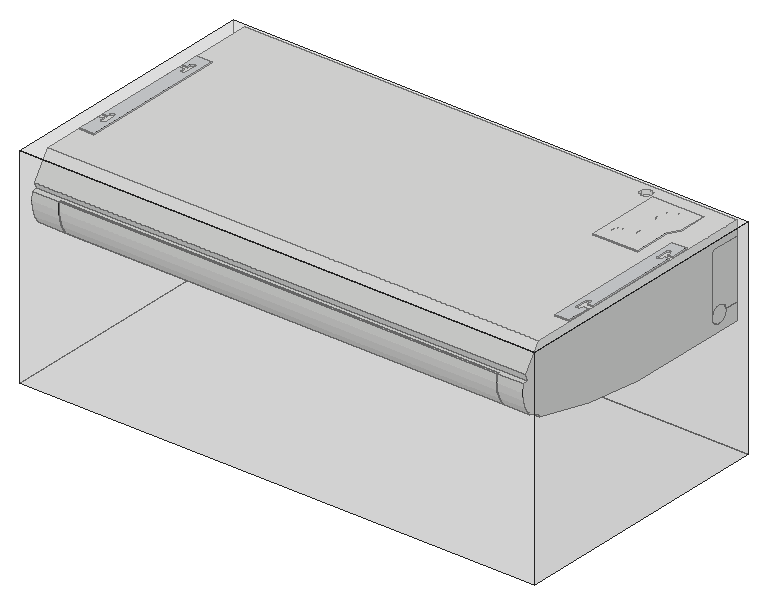
Revit family "outputfile", category 機械設備, Revit 2024
Family settings
  丸型コネクタ寸法 = 半径を使用
  パーツ タイプ = 標準
  OmniClass 番号 = 23.75.10.24.21.27.27
  OmniClass タイトル = Split System Air Conditioning Units
  作業面ベース = いいえ
  常に垂直 = はい
  ロード時にボイドで切り取り = いいえ
  注釈の向きを維持 = いいえ
  共有 = いいえ
  部屋計算ポイント = はい
Parameters (values of type "FHA71DVA")
  製造元 = "Daikin"
  書き出し IFC クラス(タイプ) = "IfcUnitaryEquipmentType"
  定義済み IFC タイプ(タイプ) = "AIRCONDITIONINGUNIT"
  モデル = "FHA71DVA"
  switch_frequency = yes
  r_Liquid Pipe Size = Liquid Pipe Size / 2  # 4.75 mm
  r_Gas Pipe Size = Gas Pipe Size / 2  # 7.95 mm
  r_Drain Pipe Size = Drain Pipe Size / 2  # 10.0 mm
  l_powersupply [instance] = if(Rear Right Connection_powersupply, 29.0 mm, 175.0 mm)  # 29.0 mm
  h_mountinghole = 2.0 mm
  connector_voltage = Voltage_50Hz  # 230 V
  connector_powerinput = [Power Input (Cooling)]  # 1.950 kW
  connector_phase = Phase_50Hz  # 1
  angle_vertical_powersupply [instance] = if(Rear Right Connection_powersupply, 90.00°, 180.00°)  # 90.00°
  angle_vertical_drainpipe [instance] = if(or(Left Connection_drainpipe, Right Connection_drainpipe), 90.00°, if(Top Connection_drainpipe, 180.00°, -90.00°))  # -90.00°
  angle_horizontal_powersupply [instance] = if(Rear Right Connection_powersupply, 180.00°, 0.00°)  # 180.00°
  angle_horizontal_drainpipe [instance] = if(Right Connection_drainpipe, 90.00°, if(Left Connection_drainpipe, -90.00°, 0.00°))  # 0.00°
  Voltage_comment_60Hz = "220-240"
  Voltage_comment_50Hz = "220-240"
  Voltage_60Hz = 230 V
  Voltage_50Hz = 230 V
  Top Connection_refrigerant [instance] = no
  Top Connection_powersupply [instance] = not(Rear Right Connection_powersupply)  # no
  Right Connection_refrigerant [instance] = no
  Rear Right Connection_refrigerant [instance] = yes
  Phase_60Hz = 1
  Phase_50Hz = 1
  Material_Casing = DAIKIN_White_Casing_indoorunit
  lw_powersupply [instance] = if(Rear Right Connection_powersupply, 220.0 mm, 210.0 mm)  # 220.0 mm
  lw_mountinghole_pitch = Width - 40.0 mm  # 1230.0 mm
  lw_mountinghole = 20.0 mm
  lw_liquidpipe [instance] = if(Right Connection_refrigerant, 156.0 mm, if(Top Connection_refrigerant, 156.0 mm, 136.0 mm))  # 136.0 mm
  lw_gaspipe = 105.0 mm
  lw_drainpipe [instance] = if(Top Connection_drainpipe, 102.0 mm, if(Width = 960.0 mm, if(or(Left Connection_drainpipe, Rear Left Connection_drainpipe), 884.0 mm, 83.0 mm), if(Width = 1270.0 mm, if(or(Left Connection_drainpipe, Rear Left Connection_drainpipe), 1194.0 mm, 83.0 mm), if(Width = 1590.0 mm, if(or(Left Connection_drainpipe, Rear Left Connection_drainpipe), 1514.0 mm, 83.0 mm), 83.0 mm))))  # 83.0 mm
  lh_powersupply = 175.0 mm
  lh_liquidpipe [instance] = if(Rear Right Connection_refrigerant, 160.0 mm, 131.0 mm)  # 160.0 mm
  lh_gaspipe [instance] = if(Rear Right Connection_refrigerant, 150.0 mm, 91.0 mm)  # 150.0 mm
  lh_drainpipe = 197.0 mm
  l_antena = 1.0 mm
  ld_powersupply = 30.0 mm
  ld_mountinghole_pitch = 260.0 mm
  ld_mountinghole = 210.0 mm
  ld_liquidpipe [instance] = if(Right Connection_refrigerant, 57.0 mm, if(Top Connection_refrigerant, 189.0 mm, 221.0 mm))  # 221.0 mm
  ld_gaspipe [instance] = if(Right Connection_refrigerant, 57.0 mm, if(Top Connection_refrigerant, 163.0 mm, 214.0 mm))  # 214.0 mm
  ld_drainpipe [instance] = if(or(Left Connection_drainpipe, Right Connection_drainpipe), 57.0 mm, if(Top Connection_drainpipe, 87.0 mm, 268.0 mm))  # 268.0 mm
  l_liquidpipe_length [instance] = if(Right Connection_refrigerant, 156.0 mm, if(Top Connection_refrigerant, 131.0 mm, 220.0 mm))  # 220.0 mm
  l_gaspipe_length [instance] = if(Right Connection_refrigerant, 105.0 mm, if(Top Connection_refrigerant, 91.0 mm, 213.0 mm))  # 213.0 mm
  l_drainpipe_length [instance] = if(Right Connection_drainpipe, 83.0 mm, if(Top Connection_drainpipe, 197.0 mm, if(Left Connection_drainpipe, 76.0 mm, 267.0 mm)))  # 267.0 mm
  h*** = 0.0 mm
  angle_vertical [instance] = if(Right Connection_refrigerant, 90.00°, if(Top Connection_refrigerant, 180.00°, -90.00°))  # -90.00°
  angle_horizontal [instance] = if(Right Connection_refrigerant, 90.00°, 0.00°)  # 0.00°
  Width = 1270.0 mm
  Version = "ver.1.0"
  Unit Type = "Ceiling"
  Unit Mass Weight = 32.00 kg
  Unit Designation [instance] = ""
  Uniclass2015Version = "Products v1.30"
  Uniclass2015Title = "Split coil room air conditioning units"
  Uniclass2015Code = "Pr_70_65_03_86"
  Total Cooling Capacity [instance] = 0.000 kW
  Top Connection_drainpipe [instance] = no
  Sound Pressure Level_M speed (dBA) = 36
  Sound Pressure Level_L speed (dBA) = 34
  Sound Pressure Level_H speed (dBA) = 38
  Series = "SkyAir_Fan Coil Unit"
  Sensible Cooling Capacity [instance] = 0.000 kW
  Rear Right Connection_drainpipe [instance] = yes
  Rear Right Connection_powersupply [instance] = yes
  Right Connection_drainpipe [instance] = no
  Refrigerant Type = "R32"
  Power Input (Cooling) = 1.950 kW
  Option Accessory 3 [instance] = ""
  Option Accessory 2 [instance] = ""
  Option Accessory 1 [instance] = ""
  Nominal Cooling Capacity = 7.100 kW
  Minimum Airflow = 840.00 m³/h
  Median Airflow = 1020.00 m³/h
  Maximum Airflow = 1230.00 m³/h
  Load Classification = HVAC
  Liquid Pipe Size = 9.5 mm
  Link_Nested Family [instance] = ""
  Rear Left Connection_drainpipe [instance] = no
  Left Connection_drainpipe [instance] = no
  IfcVersion = ""
  IfcExportType = "AIRCONDITIONINGUNIT"
  IfcExportAs = "IfcUnitaryEquipmentType"
  Height = 235.0 mm
  Heat Exchanger Type = "Cross Fin Coil"
  Gas Pipe Size = 15.9 mm
  Frequency_60Hz = 60 Hz
  Frequency_50Hz = 50 Hz
  Fan Type = "Cross Flow Fan"
  Fan Drive = "Direct Drive"
  FCU Tag No. [instance] = ""
  Drain Pipe Size = 20.0 mm
  Design Supply Airflow [instance] = 0.00 m³/h
  Design Outdoor Airflow [instance] = 0.00 m³/h
  Depth = 690.0 mm
  既定の高さ = 0.0 mm
  Cooling Entering Wet Bulb Temperature [instance] = 0.00 °C
  Cooling Entering Dry Bulb Temperature [instance] = 0.00 °C
  Cooling Ambient Wet Bulb Temperature [instance] = 0.00 °C
  Cooling Ambient Dry Bulb Temperature [instance] = 0.00 °C
  Clearance visibility [instance] = yes
  Clearance Top = 5.0 mm
  Clearance Right = 30.0 mm
  Clearance Rear = 0.0 mm
  Clearance Left = 30.0 mm
  Clearance Front = 0.0 mm
  Clearance Bottom = 300.0 mm
Reference planes
  plane 1 "Back": y = 0
  plane 2: z = 0
  plane 3 "Center (Left/Right)": x = 0
  plane 4 "Center (Front/Back)": y = -1
  plane 5 "Front": y = -690
  plane 6 "Left": x = -635
  plane 7 "Right": x = 635
  plane 8 "Top": z = 0
  plane 9 "Bottom": z = -235
  plane 10: y = -690
  plane 11: x = -665
  plane 12: x = 665
  plane 13: z = 5
  plane 14: z = -535
  plane 15: y = 0
  plane 16 "lw_mountinghole": x = -615
  plane 17 "lw_mountinghole2": x = 615
  plane 18 "ld_mountinghole": y = -210
  plane 19 "ld_mountinghole2": y = -470
  plane 20 "lw_gaspipe": x = 530
  plane 21 "ld_gaspipe": y = -214
  plane 22 "lh_gaspipe": z = -150
  plane 23 "lw_liquidpipe": x = 499
  plane 24 "ld_liquidpipe": y = -221
  plane 25 "lh_liquidpipe": z = -160
  plane 26 "ld_drainpipe": y = -268
  plane 27 "lw_drainpipe": x = 552
  plane 28 "lh_drainpipe": z = -197
  plane 29 "lw_powersupply": x = 415
  plane 30 "lh_powersupply": z = -175
  plane 31 "ld_powersupply": y = -30
  plane 32: x = -565.5
  plane 33: x = 565.5
  plane 34: x = -590
  plane 35: x = 590
  plane 36: x = -2
  plane 37: x = 2
Forms (mm)
  Extrusion 1, solid, material "DAIKIN_White_Casing_indoorunit" <- "Material_Casing"
    sketch origin (0, 0, 0) x (0, 1, 0) y (0, 0, 1)
      loop
        line (-639.277, 0) -> (-680.876, -61.699) -> (-675.026, -77.772)
        arc (-675.026, -77.772) -> (-681.815, -78.743) -> (-688.601, -79.732) r 2634.132
        arc (-688.601, -79.732) -> (-687.018, -121.096) -> (-669.159, -158.439) r 102.2
        line (-669.159, -158.439) -> (-639.858, -169.325) -> (-635.895, -178.261)
        arc (-635.895, -178.261) -> (-479.121, -215.759) -> (-319.077, -235) r 1400.997
        line (-319.077, -235) -> (-1, -235) -> (-1, 0) -> (-639.277, 0)
    from -635 to 635
  Extrusion 2, solid, material "DAIKIN_White_Casing_indoorunit" <- "Material_Casing"
    sketch origin (0, 0, 0) x (0, 1, 0) y (0, 0, 1)
      loop
        arc (-688.601, -79.732) -> (-687.018, -121.096) -> (-669.159, -158.439) r 102.2
        line (-669.159, -158.439) -> (-665.589, -154.869)
        arc (-665.589, -154.869) -> (-682.432, -118.783) -> (-683.39, -78.971) r 97.2
        arc (-683.39, -78.971) -> (-685.996, -79.351) -> (-688.601, -79.732) r 2634.132
    from -565.5 to 565.5
  Extrusion 3, void
    sketch origin (0, 0, 0) x (0, 1, 0) y (0, 0, 1)
      loop
        line (-301.098, -235) -> (-21.098, -235) -> (-21.098, -230) -> (-301.098, -230) -> (-301.098, -235)
    from -590 to 590
  Extrusion 4, solid, material "DAIKIN_White_Grille_indoorunit"
    sketch origin (0, 0, 0) x (0, 1, 0) y (0, 0, 1)
      loop
        line (-20.098, -230) -> (-301.098, -230) -> (-301.098, -235) -> (-20.098, -235) -> (-20.098, -230)
    from -590 to -2
  Extrusion 5, solid, material "DAIKIN_White_Casing_indoorunit" <- "Material_Casing"
    sketch origin (0, 0, 0) x (1, 0, 0) y (0, 0, 1)
      loop
        line (442, -63) -> (442, -178) -> (513, -220) -> (576, -220) -> (576, -63) -> (442, -63)
    from 0 to 1
  Extrusion 6, solid, material "DAIKIN_White_Casing_indoorunit" <- "Material_Casing"
    sketch origin (0, 0, 0) x (-1, 0, 0) y (0, -1, 0)
      loop
        line (-447, 35) -> (-447, 230) -> (-563, 230) -> (-563, 135) -> (-578, 105) -> (-578, 35) -> (-447, 35)
    from 0 to 1.9
  Extrusion 7, void
    sketch origin (635, 0, 0) x (0, 1, 0) y (0, 0, 1)
      loop
        arc (-79.5, -195) -> (-55.446, -217.446) -> (-34.715, -191.9) r 22.5
        line (-34.715, -191.9) -> (-1, -191.9) -> (-1, -190.1) -> (-35.04, -190.1)
        arc (-35.04, -190.1) -> (-54.942, -172.594) -> (-77.7, -186.182) r 22.5
        line (-77.7, -186.182) -> (-77.7, -43)
        arc (-77.7, -43) -> (-76.528, -40.172) -> (-73.7, -39) r 4
        line (-73.7, -39) -> (-1, -39) -> (-1, -37.2) -> (-73.7, -37.2)
        arc (-73.7, -37.2) -> (-77.801, -38.899) -> (-79.5, -43) r 5.8
        line (-79.5, -43) -> (-79.5, -195)
      loop
        circle (-57, -195) r 20.7
    from 0 to -10
  Extrusion 8, void
    sketch origin (-1444.026, -1, 1200) x (1, 0, 0) y (0, 0, 1)
      loop
        arc (875.026, -1375) -> (864.42, -1379.393) -> (860.026, -1390) r 15
        line (860.026, -1390) -> (860.026, -1400)
        arc (860.026, -1400) -> (864.42, -1410.607) -> (875.026, -1415) r 15
        line (875.026, -1415) -> (905.026, -1415)
        arc (905.026, -1415) -> (915.633, -1410.607) -> (920.026, -1400) r 15
        line (920.026, -1400) -> (920.026, -1390)
        arc (920.026, -1390) -> (915.633, -1379.393) -> (905.026, -1375) r 15
        line (905.026, -1375) -> (875.026, -1375)
    from 0 to 10
  Extrusion 9, void
    sketch origin (-635, 0, 0) x (0, 1, 0) y (0, 0, 1)
      loop
        circle (-57, -197) r 22.5
    from 0 to 10
  Extrusion 10, void
    sketch origin (-1444.026, -1, 1200) x (1, 0, 0) y (0, 0, 1)
      loop
        circle (1976.026, -1375) r 44
    from 0 to 10
  Extrusion 11, void
    sketch origin (0, 0, 0) x (-1, 0, 0) y (0, -1, 0)
      loop
        circle (-533, 87) r 30
    from 0 to -10
  Extrusion 12, void
    sketch origin (0, 0, 0) x (-1, 0, 0) y (0, -1, 0)
      loop
        circle (-530, 163) r 18
    from 0 to -10
  Extrusion 13, void
    sketch origin (0, 0, 0) x (-1, 0, 0) y (0, -1, 0)
      loop
        circle (-479, 189) r 13
    from 0 to -10
  Extrusion 14, void
    sketch origin (-1444.026, -1, 1200) x (1, 0, 0) y (0, 0, 1)
      loop
        circle (1859.026, -1375) r 14.5
    from 0 to 10
  Extrusion 15, void
    sketch origin (0, 0, 0) x (-1, 0, 0) y (0, -1, 0)
      loop
        circle (-425, 30) r 14.5
    from 0 to -10
  Extrusion 16, void
    sketch origin (635, 0, 0) x (0, 1, 0) y (0, 0, 1)
      loop
        arc (-665.589, -154.869) -> (-682.432, -118.783) -> (-683.39, -78.971) r 97.2
        arc (-683.39, -78.971) -> (-685.996, -79.351) -> (-688.601, -79.732) r 2634.132
        arc (-688.601, -79.732) -> (-687.018, -121.096) -> (-669.159, -158.439) r 102.2
        line (-669.159, -158.439) -> (-665.589, -154.869)
    from -69.5 to -1200.5
  Extrusion 17, solid, material "DAIKIN_White_Casing_indoorunit" <- "Material_Casing"
    sketch origin (-635, 0, 0) x (0, 1, 0) y (0, 0, 1)
      loop
        circle (-57, -197) r 22.5
    from 0 to 10
  Extrusion 18, solid, material "DAIKIN_White_Grille_indoorunit"
    sketch origin (780, 0, 0) x (0, 1, 0) y (0, 0, 1)
      loop
        line (-20.098, -230) -> (-301.098, -230) -> (-301.098, -235) -> (-20.098, -235) -> (-20.098, -230)
    from -782 to -778
  Extrusion 19, solid, material "DAIKIN_White_Grille_indoorunit"
    sketch origin (0, 0, 0) x (0, 1, 0) y (0, 0, -1)
      loop
        line (-20.098, 230) -> (-20.098, 235) -> (-301.098, 235) -> (-301.098, 230) -> (-20.098, 230)
    from -590 to -2
Cuts and joins
  Extrusion 3, Extrusion 7, Extrusion 8, Extrusion 9, Extrusion 10, Extrusion 11, Extrusion 12, Extrusion 13, Extrusion 14, Extrusion 15, Extrusion 16 cuts Extrusion 1
Lines and regions (mm)
  reference lines
    curve 1: line (635, -580.282, -192.75) -> (635, -551.225, -200.21)
Dimensions and locks
  equal spacing: plane 6 "Left", plane 3 "Center (Left/Right)", plane 7 "Right"
  "Width": plane 6 "Left" to plane 7 "Right"
  "Depth": plane 5 "Front" to plane 1 "Back"
  "Height": plane 8 "Top" to plane 9 "Bottom"
  "Clearance Front": plane 10 to plane 5 "Front"
  "Clearance Left": plane 11 to plane 6 "Left"
  "Clearance Right": plane 7 "Right" to plane 12
  "Clearance Top": plane 13 to plane 8 "Top"
  "Clearance Bottom": plane 9 "Bottom" to plane 14
  "Clearance Rear": plane 1 "Back" to plane 15
  locked: plane 4 "Center (Front/Back)" to plane 1 "Back" at 1
  locked: Extrusion 1 sketch curve to Extrusion 1 sketch curve at 235
  locked: Extrusion 1 sketch curve to Extrusion 1 sketch curve at 318.077
  locked: Extrusion 1 sketch curve to Extrusion 1 sketch curve at 1163.297
  locked: Extrusion 1 sketch curve to Extrusion 1 sketch curve at 231.144
  Extrusion 3 sketch curve to Extrusion 3 sketch curve to plane 1 "Back" = 280.0 mm locked, 21.098 mm locked
  "ld_mountinghole": plane 18 "ld_mountinghole" to plane 1 "Back"
  "ld_mountinghole_pitch": plane 18 "ld_mountinghole" to plane 19 "ld_mountinghole2"
  "lw_mountinghole_pitch": plane 16 "lw_mountinghole" to plane 17 "lw_mountinghole2"
  "lw_mountinghole": plane 6 "Left" to plane 16 "lw_mountinghole"
  "lw_gaspipe": plane 20 "lw_gaspipe" to plane 7 "Right"
  "ld_gaspipe": plane 1 "Back" to plane 21 "ld_gaspipe"
  "lw_liquidpipe": plane 23 "lw_liquidpipe" to plane 7 "Right"
  "ld_liquidpipe": plane 1 "Back" to plane 24 "ld_liquidpipe"
  "lw_drainpipe": plane 27 "lw_drainpipe" to plane 7 "Right"
  "ld_drainpipe": plane 26 "ld_drainpipe" to plane 1 "Back"
  plane 8 "Top" to Extrusion 5 sketch curve to Extrusion 5 sketch curve = 63.0 mm locked, 157.0 mm locked
  plane 7 "Right" to Extrusion 5 sketch curve to Extrusion 5 sketch curve = 59.0 mm locked, 134.0 mm locked
  locked: Extrusion 5 sketch curve to Extrusion 5 sketch curve at 115
  locked: Extrusion 5 sketch curve to Extrusion 5 sketch curve at 63
  locked: Extrusion 6 sketch curve to Extrusion 6 sketch curve at 195
  locked: Extrusion 6 sketch curve to Extrusion 6 sketch curve at 116
  locked: Extrusion 6 sketch curve to Extrusion 6 sketch curve at 131
  locked: Extrusion 6 sketch curve to Extrusion 6 sketch curve at 100
  locked: Extrusion 6 sketch curve to plane 1 "Back" at 35
  locked: Extrusion 6 sketch curve to plane 7 "Right" at 57
  locked: Extrusion 8 sketch curve to Extrusion 8 sketch curve at 40
  locked: Extrusion 8 sketch curve to Extrusion 8 sketch curve at 60
  locked: plane 8 "Top" to Extrusion 8 sketch curve at 175
  locked: Extrusion 8 sketch curve to plane 6 "Left" at 51
  locked: plane 7 "Right" to Extrusion 10 sketch curve at 103
  locked: plane 8 "Top" to Extrusion 10 sketch curve at 175
  locked: Extrusion 11 sketch curve to plane 1 "Back" at 87
  locked: Extrusion 11 sketch curve to plane 7 "Right" at 102
  locked: Extrusion 12 sketch curve to plane 1 "Back" at 163
  locked: Extrusion 12 sketch curve to plane 7 "Right" at 105
  locked: Extrusion 13 sketch curve to plane 1 "Back" at 189
  locked: Extrusion 13 sketch curve to plane 7 "Right" at 156
  "lw_powersupply": plane 29 "lw_powersupply" to plane 7 "Right"
  "lh_gaspipe": plane 8 "Top" to plane 22 "lh_gaspipe"
  "lh_liquidpipe": plane 8 "Top" to plane 25 "lh_liquidpipe"
  "lh_powersupply": plane 8 "Top" to plane 30 "lh_powersupply"
  "lh_drainpipe": plane 8 "Top" to plane 28 "lh_drainpipe"
  "ld_powersupply": plane 1 "Back" to plane 31 "ld_powersupply"
  locked: plane 8 "Top" to Extrusion 7 sketch curve at 195
  locked: Extrusion 7 sketch curve to plane 1 "Back" at 57
  locked: plane 9 "Bottom" to Extrusion 7 sketch curve at 43.1
  locked: Extrusion 7 sketch curve to plane 8 "Top" at 39
  locked: Extrusion 7 sketch curve to plane 1 "Back" at 79.5
  locked: Extrusion 9 sketch curve to plane 1 "Back" at 57
  locked: plane 8 "Top" to Extrusion 9 sketch curve at 197
  locked: Extrusion 17 sketch curve to plane 1 "Back" at 57
  locked: plane 8 "Top" to Extrusion 17 sketch curve at 197
  locked: plane 7 "Right" to Extrusion 14 sketch curve at 220
  locked: plane 8 "Top" to Extrusion 14 sketch curve at 175
  locked: Extrusion 15 sketch curve to plane 7 "Right" at 210
  locked: Extrusion 15 sketch curve to plane 1 "Back" at 30
  locked: curve 1 to plane 9 "Bottom" at 34.79
  locked: curve 1 to plane 9 "Bottom" at 42.25
  locked: plane 6 "Left" to plane 32 at 69.5
  locked: plane 33 to plane 7 "Right" at 69.5
  locked: plane 35 to plane 7 "Right" at 45
  locked: plane 6 "Left" to plane 34 at 45
  plane 36 to plane 3 "Center (Left/Right)" to plane 37 = 2.0 mm locked, 2.0 mm locked
  locked: curve 1 to plane 9 "Bottom" (angle 14.40°)
  aligned and locked: level to plane 2
  aligned and locked: nested 1 to plane 11
  aligned and locked: nested 1 to plane 12
  aligned and locked: nested 1 to plane 10
  aligned and locked: plane 13 to nested 1
  aligned and locked: plane 14 to nested 1
  aligned and locked: plane 15 to nested 1
  aligned and locked: Extrusion 1 sketch curve to plane 8 "Top"
  aligned and locked: Extrusion 2 sketch curve to Extrusion 1  (x2)
  aligned and locked: plane 7 "Right" to Extrusion 1
  aligned and locked: Extrusion 1 to plane 6 "Left"
  aligned and locked: cut or joined group 1 (Extrusion 1, Extrusion 3, Extrusion 7, Extrusion 8, Extrusion 9, Extrusion 10, Extrusion 11, Extrusion 12, Extrusion 13, Extrusion 14, Extrusion 15, Extrusion 16) to Extrusion 3 sketch curve
  aligned and locked: cut or joined group 1 to Extrusion 4 sketch curve
  aligned and locked: Extrusion 5 to plane 4 "Center (Front/Back)"
  aligned and locked: Extrusion 7 sketch curve to plane 4 "Center (Front/Back)"
  aligned and locked: Extrusion 16 sketch curve to Extrusion 2  (x4)
  aligned and locked: Extrusion 16 to Extrusion 2  (x2)
  aligned and locked: nested 2 to plane 26 "ld_drainpipe"
  aligned and locked: plane 27 "lw_drainpipe" to nested 2
  aligned and locked: plane 20 "lw_gaspipe" to nested 3
  aligned and locked: nested 3 to plane 21 "ld_gaspipe"
  aligned and locked: plane 23 "lw_liquidpipe" to nested 4
  aligned and locked: nested 4 to plane 24 "ld_liquidpipe"
  aligned and locked: plane 25 "lh_liquidpipe" to nested 4
  aligned and locked: nested 5 to plane 31 "ld_powersupply"
  aligned and locked: plane 29 "lw_powersupply" to nested 5
  aligned and locked: nested 7 to plane 18 "ld_mountinghole"
  aligned and locked: plane 16 "lw_mountinghole" to nested 7
  aligned and locked: nested 6 to plane 19 "ld_mountinghole2"
  aligned and locked: plane 16 "lw_mountinghole" to nested 6
  aligned and locked: nested 9 to plane 18 "ld_mountinghole"
  aligned and locked: plane 17 "lw_mountinghole2" to nested 9
  aligned and locked: plane 17 "lw_mountinghole2" to nested 8
  aligned and locked: nested 8 to plane 19 "ld_mountinghole2"
  aligned and locked: nested 10 to curve 1
  aligned and locked: level to plane 8 "Top"
  aligned and locked: cut or joined group 1 to plane 32
  aligned and locked: plane 33 to cut or joined group 1
  aligned and locked: Extrusion 16 to plane 32
  aligned and locked: plane 33 to Extrusion 16
  aligned and locked: Extrusion 4 to plane 34
  aligned and locked: cut or joined group 1 to plane 34
  aligned and locked: plane 34 to Extrusion 4  (x3)
  aligned and locked: plane 16 "lw_mountinghole" to nested 11
  aligned and locked: plane 17 "lw_mountinghole2" to nested 12
  aligned and locked: plane 36 to Extrusion 4
  aligned and locked: Extrusion 18 to plane 36
  aligned and locked: plane 37 to Extrusion 18
  aligned and locked: Extrusion 19 to plane 37
  aligned and locked: plane 37 to Extrusion 19
  aligned and locked: plane 35 to Extrusion 19
  aligned and locked: plane 35 to Extrusion 3
  aligned and locked: Extrusion 4 to cut or joined group 1
  aligned and locked: cut or joined group 1 to Extrusion 18
  aligned and locked: cut or joined group 1 to Extrusion 19
Automatic sketch dimensions
  Extrusion 1 sketch curve to plane 4 "Center (Front/Back)" = 0.0 mm
  Extrusion 1 sketch curve to plane 5 "Front" = 102.2 mm
  Extrusion 1 sketch curve to plane 30 "lh_powersupply" = 3.261 mm
  Extrusion 1 sketch curve to plane 5 "Front" = 50.723 mm
  plane 30 "lh_powersupply" to Extrusion 1 sketch curve = 5.675 mm
  Extrusion 1 sketch curve to Extrusion 1 sketch curve = 3.963 mm
  plane 25 "lh_liquidpipe" to Extrusion 1 sketch curve = 1.561 mm
  Extrusion 1 sketch curve to plane 5 "Front" = 20.841 mm
  Extrusion 1 sketch curve to plane 5 "Front" = 14.974 mm
  Extrusion 1 sketch curve to plane 5 "Front" = 9.124 mm
  Extrusion 1 sketch curve to plane 26 "ld_drainpipe" = 37.278 mm
  Extrusion 1 sketch curve to plane 14 = 2150.825 mm
  plane 22 "lh_gaspipe" to Extrusion 1 sketch curve = 53.413 mm
  Extrusion 1 sketch curve to level = 77.772 mm
  Extrusion 1 sketch curve to Extrusion 1 sketch curve = 16.072 mm
  Extrusion 2 sketch curve to Extrusion 2 sketch curve = 0.0 mm  (x2)
  plane 25 "lh_liquidpipe" to Extrusion 2 sketch curve = 1.561 mm
  Extrusion 2 sketch curve to plane 22 "lh_gaspipe" = 4.869 mm
  Extrusion 2 sketch curve to Extrusion 2 sketch curve = 3.57 mm
  Extrusion 3 sketch curve to Extrusion 3 sketch curve = 5.0 mm
  plane 31 "ld_powersupply" to Extrusion 4 sketch curve = 9.902 mm
  Extrusion 4 sketch curve to Extrusion 4 sketch curve = 5.0 mm
  Extrusion 6 sketch curve to Extrusion 6 sketch curve = 30.0 mm
  Extrusion 7 sketch curve to Extrusion 7 sketch curve = 0.0 mm  (x6)
  Extrusion 7 sketch curve to plane 4 "Center (Front/Back)" = 0.0 mm  (x2)
  Extrusion 7 sketch curve to Extrusion 7 sketch curve = 1.8 mm  (x2)
  Extrusion 7 sketch curve to Extrusion 7 sketch curve = 4.0 mm
  Extrusion 7 sketch curve to Extrusion 7 sketch curve = 0.325 mm
  Extrusion 8 sketch curve to plane 32 = 3.5 mm  (x2)
  Extrusion 8 sketch curve to plane 28 "lh_drainpipe" = 3.0 mm
  Extrusion 8 sketch curve to Extrusion 8 sketch curve = 15.0 mm
  curve 1 to plane 5 "Front" = 109.718 mm
  Extrusion 18 sketch curve to plane 9 "Bottom" = 0.0 mm
  plane 9 "Bottom" to Extrusion 18 sketch curve = 5.0 mm
  Extrusion 18 sketch curve to plane 26 "ld_drainpipe" = 33.098 mm
  plane 31 "ld_powersupply" to Extrusion 18 sketch curve = 9.902 mm
  Extrusion 19 sketch curve to plane 9 "Bottom" = 0.0 mm
  plane 9 "Bottom" to Extrusion 19 sketch curve = 5.0 mm
  Extrusion 19 sketch curve to plane 26 "ld_drainpipe" = 33.098 mm
  plane 31 "ld_powersupply" to Extrusion 19 sketch curve = 9.902 mm
  Extrusion 4 sketch curve to plane 26 "ld_drainpipe" = 33.098 mm
  radius of Extrusion 7 sketch curve = 20.7 mm
  radius of Extrusion 9 sketch curve = 22.5 mm
  radius of Extrusion 10 sketch curve = 44.0 mm
  radius of Extrusion 11 sketch curve = 30.0 mm
  radius of Extrusion 12 sketch curve = 18.0 mm
  radius of Extrusion 13 sketch curve = 13.0 mm
  radius of Extrusion 14 sketch curve = 14.5 mm
  radius of Extrusion 15 sketch curve = 14.5 mm
  radius of Extrusion 17 sketch curve = 22.5 mm
Nested families
  nested 1: "daikin_clearancespace" at (0, -345, -264.881), visible <- "Clearance visibility", show <- "Clearance visibility", Link_Nested Family <- "Link_Nested Family", type "daikin_clearancespace"
    with width 1330.0 mm, show yes, height 540.0 mm, depth 690.0 mm, Link_Nested Family ""
  nested 2: "daikin_connector_rotate3" at (552, -268, -197), radius <- "r_Drain Pipe Size", angle_vertical <- "angle_vertical_drainpipe", angle_horizontal <- "angle_horizontal_drainpipe", length <- "l_drainpipe_length", type "daikin_connector_rotate3"
    with show no, radius 10.0 mm, length 267.0 mm, angle_vertical -90.00°, angle_horizontal 0.00°
  nested 3: "daikin_connector_rotate3" at (530, -214, -150), radius <- "r_Gas Pipe Size", angle_vertical <- "angle_vertical", angle_horizontal <- "angle_horizontal", length <- "l_gaspipe_length", type "daikin_connector_rotate3"
    with show no, radius 7.95 mm, length 213.0 mm, angle_vertical -90.00°, angle_horizontal 0.00°
  nested 4: "daikin_connector_rotate3" at (499, -221, -160), radius <- "r_Liquid Pipe Size", angle_vertical <- "angle_vertical", angle_horizontal <- "angle_horizontal", length <- "l_liquidpipe_length", type "daikin_connector_rotate3"
    with show no, radius 4.75 mm, length 220.0 mm, angle_vertical -90.00°, angle_horizontal 0.00°
  nested 5: "daikin_connector_rotate3" at (415, -30, -175), length <- "l_powersupply", angle_vertical <- "angle_vertical_powersupply", angle_horizontal <- "angle_horizontal_powersupply", type "daikin_connector_rotate3"
    with show no, radius 10.0 mm, length 29.0 mm, angle_vertical 90.00°, angle_horizontal 180.00°
  nested 6: "daikin_mountinghole" at (-615, -470, 0), l_antenna <- "l_antena", Link_Nested Family <- "Link_Nested Family", h_mountinghole <- "h_mountinghole", type "daikin_mountinghole"
    with show yes, l_antenna 1.0 mm, h_mountinghole 2.0 mm, Link_Nested Family ""
  nested 7: "daikin_mountinghole" at (-615, -210, 0), l_antenna <- "l_antena", Link_Nested Family <- "Link_Nested Family", h_mountinghole <- "h_mountinghole", type "daikin_mountinghole"
    with show yes, l_antenna 1.0 mm, h_mountinghole 2.0 mm, Link_Nested Family ""
  nested 8: "daikin_mountinghole" at (615, -470, 0), l_antenna <- "l_antena", Link_Nested Family <- "Link_Nested Family", h_mountinghole <- "h_mountinghole", type "daikin_mountinghole"
    with show yes, l_antenna 1.0 mm, h_mountinghole 2.0 mm, Link_Nested Family ""
  nested 9: "daikin_mountinghole" at (615, -210, 0), Link_Nested Family <- "Link_Nested Family", l_antenna <- "l_antena", h_mountinghole <- "h_mountinghole", type "daikin_mountinghole"
    with show yes, l_antenna 1.0 mm, h_mountinghole 2.0 mm, Link_Nested Family ""
  nested 10: "daikin_logo_plane_w40" at (487.963, -559.801, -198.008) x (1, 0, 0) z (0, -0.2487, -0.9686), type "daikin_logo_plane_w40"
    with show_logo yes
  nested 11: "daikin_hangerfixture_FHA-DVA" at (-615, 0, 0), type "daikin_hangerfixture_FHA-DVA"
    with width 38.0 mm, height 2.0 mm, depth 380.0 mm
  nested 12: "daikin_hangerfixture_FHA-DVA" at (615, 0, 0) x (-1, 0, 0) z (0, 0, 1), type "daikin_hangerfixture_FHA-DVA"
    with width 38.0 mm, height 2.0 mm, depth 380.0 mm
Connectors
  piping at (552, -1, -197), diameter 20, driven by "r_Drain Pipe Size"
    settings: on nested 2, index 1, connector inside diameter 609.6 mm, connector length 0.0 mm, flow factor 0, pipe flow 0.00 m³/h, pressure drop 0.0 Pa, fitting loss kfactor 0, connector angle 0.00°, fixture units 0, engagement length 0.0 mm, angle of deflection 0.00°, flow configuration 1, flow direction 2, fitting loss method 4, system type 16, joint type 0, gender type 0, connector reference index -1, connector utility 0, adjustable connector no, is connector primary yes, connector description "Condensate Drain Piping"
  piping at (530, -1, -150), diameter 15.9, driven by "r_Gas Pipe Size"
    settings: on nested 3, index 3, connector inside diameter 609.6 mm, connector length 0.0 mm, flow factor 0, pipe flow 0.00 m³/h, pressure drop 0.0 Pa, fitting loss kfactor 0, connector angle 0.00°, fixture units 0, engagement length 0.0 mm, angle of deflection 0.00°, flow configuration 1, flow direction 2, fitting loss method 0, system type 29, joint type 0, gender type 0, connector reference index -1, connector utility 0, adjustable connector no, is connector primary no, connector description "Refrigerant Gas Piping"
  piping at (499, -1, -160), diameter 9.5, driven by "r_Liquid Pipe Size"
    settings: on nested 4, index 4, connector inside diameter 609.6 mm, connector length 0.0 mm, flow factor 0, pipe flow 0.00 m³/h, pressure drop 0.0 Pa, fitting loss kfactor 0, connector angle 0.00°, fixture units 0, engagement length 0.0 mm, angle of deflection 0.00°, flow configuration 1, flow direction 1, fitting loss method 0, system type 29, joint type 0, gender type 0, connector reference index -1, connector utility 0, adjustable connector no, is connector primary no, connector description "Refrigerant Liquid Piping"
  electrical at (415, -1, -175), driven by "Load Classification", driven by "connector_powerinput", driven by "connector_phase", driven by "connector_voltage"
    settings: on nested 5, index 6, voltage 230 V, apparent load 1950 VA, apparent load phase1 0 VA, apparent load phase2 0 VA, apparent load phase3 0 VA, power factor 1, load classification "HVAC", number of poles 1, system type 30, power factor state 1, is connector primary yes, connector utility no, sub classification motor no, connector description "Power Supply"
Definition of nested family "daikin_clearancespace"
  Parameters (values of type "daikin_clearancespace")
    Description = "daikin_clearancespace"
    width [instance] = 1823.963 mm
    show [instance] = yes
    material = none
    height [instance] = 1359.762 mm
    depth [instance] = 880.0 mm
    Default Elevation = 0.0 mm
    Link_Nested Family [instance] = ""
  Reference planes
    plane 1 "Center (Front/Back)": y = 0
    plane 2 "Center (Elevation)": z = -0.119
    plane 3 "Center (Left/Right)": x = 0
    plane 4: y = 440
    plane 5: y = -440
    plane 6 "Right": x = 911.982
    plane 7 "Left": x = -911.982
    plane 8 "Top": z = 679.762
    plane 9 "Bottom": z = -680
  Forms (mm)
    Extrusion 1, solid, material <- "material", visible <- "show"
      sketch origin (0, 0, 0) x (1, 0, 0) y (0, 1, 0)
        loop
          line (-911.982, 440) -> (-911.982, -440) -> (911.982, -440) -> (911.982, 440) -> (-911.982, 440)
      from -680 to 679.762
  Lines and regions (mm)
    symbolic lines, visible <- "show"
      curve 1: line (911.982, 440, 0) -> (-911.982, 440, 0)
      curve 2: line (-911.982, 440, 0) -> (-911.982, -440, 0)
      curve 3: line (-911.982, -440, 0) -> (911.982, -440, 0)
      curve 4: line (911.982, -440, 0) -> (911.982, 440, 0)
      curve 5: line (911.982, 0, 679.762) -> (-911.982, 0, 679.762)
      curve 6: line (911.982, 0, -680) -> (911.982, 0, 679.762)
      curve 7: line (-911.982, 0, -680) -> (911.982, 0, -680)
      curve 8: line (-911.982, 0, 679.762) -> (-911.982, 0, -680)
      curve 9: line (0, 440, 679.762) -> (0, -440, 679.762)
      curve 10: line (0, -440, 679.762) -> (0, -440, -680)
      curve 11: line (0, 440, -680) -> (0, 440, 679.762)
      curve 12: line (0, -440, -680) -> (0, 440, -680)
  Dimensions and locks
    "width": plane 7 "Left" to plane 6 "Right"
    "depth": plane 4 to plane 5
    "height": plane 8 "Top" to plane 9 "Bottom"
    equal spacing: plane 7 "Left", plane 3 "Center (Left/Right)", plane 6 "Right"
    equal spacing: plane 4, plane 1 "Center (Front/Back)", plane 5
    equal spacing: plane 8 "Top", plane 2 "Center (Elevation)", plane 9 "Bottom"
    aligned and locked: level to plane 2 "Center (Elevation)"
    aligned and locked: Extrusion 1 sketch curve to plane 4
    aligned and locked: plane 7 "Left" to Extrusion 1 sketch curve
    aligned and locked: Extrusion 1 sketch curve to plane 5
    aligned and locked: Extrusion 1 sketch curve to plane 6 "Right"
    aligned and locked: plane 8 "Top" to Extrusion 1
    aligned and locked: curve 1 to Extrusion 1
    aligned and locked: curve 2 to Extrusion 1
    aligned and locked: curve 3 to Extrusion 1
    aligned and locked: curve 4 to Extrusion 1
    aligned and locked: curve 5 to Extrusion 1
    aligned and locked: curve 6 to Extrusion 1
    aligned and locked: curve 7 to Extrusion 1
    aligned and locked: curve 8 to Extrusion 1
    aligned and locked: curve 9 to Extrusion 1
    aligned and locked: curve 10 to Extrusion 1
    aligned and locked: curve 11 to Extrusion 1
    aligned and locked: curve 12 to Extrusion 1
    aligned and locked: Extrusion 1 to plane 9 "Bottom"
Definition of nested family "daikin_logo_plane_w40"
  Parameters (values of type "daikin_logo_plane_w40")
    width = 40.0 mm
    show_logo [instance] = yes
    material = none
    height = 0.0 mm
    depth = 0.0 mm
    Default Elevation = 1219.2 mm
  Reference planes
    plane 1 "Center (Front/Back)": y = 0
    plane 2: z = 0
    plane 3 "Center (Left/Right)": x = 0
    plane 4: z = 2
    plane 5 "left": x = -19
    plane 6: x = 19
  Forms (mm)
    Extrusion 1, solid, visible <- "show_logo"
      sketch origin (-19, 0, 0) x (1, 0, 0) y (0, 1, 0)
        loop
          line (8.902, -1.878) -> (7.789, -6.332) -> (11.13, -6.332)
          arc (11.13, -6.332) -> (12.454, -6.064) -> (13.472, -5.176) r 2.642
          arc (13.472, -5.176) -> (13.92, -4.02) -> (13.767, -2.79) r 2.537
          arc (13.767, -2.79) -> (13.452, -2.342) -> (12.982, -2.06) r 1.321
          arc (12.982, -2.06) -> (12.063, -1.902) -> (11.13, -1.878) r 6.479
          line (11.13, -1.878) -> (8.902, -1.878)
        loop
          line (10.016, -5.441) -> (10.907, -5.441)
          arc (10.907, -5.441) -> (11.591, -4.983) -> (11.988, -4.261) r 1.742
          spline (11.988, -4.261) -> (12.01, -4.155) -> (12.027, -4.03) -> (12.037, -3.893) -> (12.037, -3.747) -> (12.026, -3.598) -> (12.002, -3.451) -> (11.962, -3.31) -> (11.905, -3.181) -> (11.829, -3.069) -> (11.731, -2.978) -> (11.61, -2.913) -> (11.464, -2.88)
          line (11.464, -2.88) -> (10.573, -2.88) -> (10.016, -5.441)
        loop
          line (13.58, -6.332) -> (14.805, -6.332) -> (15.223, -5.553) -> (16.977, -5.553) -> (17.144, -6.332) -> (19.149, -6.332) -> (18.258, -1.878) -> (16.03, -1.878) -> (13.58, -6.332)
        loop
          line (16.476, -3.214) -> (15.76, -4.551) -> (16.762, -4.551) -> (16.476, -3.214)
        loop
          line (19.705, -6.332) -> (21.599, -6.332) -> (22.712, -1.878) -> (20.819, -1.878) -> (19.705, -6.332)
        loop
          line (22.712, -6.332) -> (24.606, -6.332) -> (24.908, -5.122) -> (25.831, -6.332) -> (28.17, -6.332) -> (26.388, -3.994) -> (28.949, -1.878) -> (26.945, -1.878) -> (25.401, -3.153) -> (25.719, -1.878) -> (23.826, -1.878) -> (22.712, -6.332)
        loop
          line (29.84, -1.878) -> (28.615, -6.332) -> (30.62, -6.332) -> (31.734, -1.878) -> (29.84, -1.878)
        loop
          line (31.734, -6.332) -> (33.07, -6.332) -> (33.7, -3.814) -> (34.518, -6.332) -> (36.745, -6.332) -> (37.859, -1.878) -> (36.523, -1.878) -> (35.845, -4.589) -> (34.963, -1.878) -> (32.847, -1.878) -> (31.734, -6.332)
      from 0 to 2
    Extrusion 2, solid, visible <- "show_logo"
      sketch origin (-19, 0, 0) x (1, 0, 0) y (0, 1, 0)
        loop
          line (8.7, 0) -> (4.235, 0) -> (0, -3.879) -> (0, -8) -> (8.7, 0)
      from 0 to 2
    Extrusion 3, solid, visible <- "show_logo"
      sketch origin (-19, 0, 0) x (1, 0, 0) y (0, 1, 0)
        loop
          line (0, 0) -> (0, -3.879) -> (4.235, 0) -> (0, 0)
      from 0 to 2
  Dimensions and locks
    plane 4 to plane 2 = 2.0 mm
    equal spacing: plane 5 "left", plane 3 "Center (Left/Right)", plane 6
    locked: plane 5 "left" to plane 6 at 38
    aligned and locked: level to plane 2
    aligned and locked: Extrusion 3 to plane 1 "Center (Front/Back)"  (x2)
    aligned and locked: Extrusion 2 to plane 1 "Center (Front/Back)"  (x2)
    aligned and locked: plane 4 to Extrusion 1
    aligned and locked: plane 4 to Extrusion 3
    aligned and locked: plane 4 to Extrusion 2
    aligned and locked: Extrusion 3 to plane 5 "left"
    aligned and locked: Extrusion 2 to plane 5 "left"
  Automatic sketch dimensions
    Extrusion 1 sketch curve to Extrusion 1 sketch curve = 0.901 mm
    Extrusion 1 sketch curve to Extrusion 1 sketch curve = 1.559 mm
    Extrusion 1 sketch curve to Extrusion 1 sketch curve = 1.327 mm
    Extrusion 1 sketch curve to Extrusion 1 sketch curve = 2.145 mm
    Extrusion 1 sketch curve to Extrusion 1 sketch curve = 1.448 mm
    Extrusion 1 sketch curve to Extrusion 1 sketch curve = 2.116 mm
    Extrusion 1 sketch curve to Extrusion 1 sketch curve = 1.114 mm  (x4)
    Extrusion 1 sketch curve to Extrusion 1 sketch curve = 1.336 mm  (x2)
    plane 1 "Center (Front/Back)" to Extrusion 1 sketch curve = 1.878 mm  (x5)
    Extrusion 1 sketch curve to Extrusion 1 sketch curve = 1.893 mm  (x5)
    Extrusion 1 sketch curve to Extrusion 1 sketch curve = 0.891 mm  (x4)
    Extrusion 1 sketch curve to Extrusion 1 sketch curve = 2.005 mm  (x3)
    Extrusion 1 sketch curve to Extrusion 1 sketch curve = 0.445 mm  (x2)
    plane 1 "Center (Front/Back)" to Extrusion 1 sketch curve = 3.994 mm
    Extrusion 1 sketch curve to Extrusion 1 sketch curve = 0.557 mm  (x2)
    Extrusion 1 sketch curve to Extrusion 1 sketch curve = 2.339 mm  (x2)
    Extrusion 1 sketch curve to Extrusion 1 sketch curve = 1.225 mm  (x3)
    plane 1 "Center (Front/Back)" to Extrusion 1 sketch curve = 3.153 mm
    Extrusion 1 sketch curve to Extrusion 1 sketch curve = 0.987 mm
    plane 1 "Center (Front/Back)" to Extrusion 1 sketch curve = 5.122 mm
    Extrusion 1 sketch curve to Extrusion 1 sketch curve = 0.922 mm
    plane 1 "Center (Front/Back)" to Extrusion 1 sketch curve = 6.332 mm
    Extrusion 1 sketch curve to Extrusion 1 sketch curve = 2.562 mm
    plane 1 "Center (Front/Back)" to Extrusion 1 sketch curve = 5.553 mm
    Extrusion 1 sketch curve to Extrusion 1 sketch curve = 0.167 mm
    Extrusion 1 sketch curve to Extrusion 1 sketch curve = 0.215 mm
    plane 1 "Center (Front/Back)" to Extrusion 1 sketch curve = 3.214 mm
    Extrusion 1 sketch curve to Extrusion 1 sketch curve = 0.286 mm
    plane 1 "Center (Front/Back)" to Extrusion 1 sketch curve = 4.551 mm
    Extrusion 1 sketch curve to Extrusion 1 sketch curve = 1.002 mm
    Extrusion 1 sketch curve to Extrusion 1 sketch curve = 0.537 mm
    Extrusion 1 sketch curve to Extrusion 1 sketch curve = 0.418 mm
    Extrusion 1 sketch curve to Extrusion 1 sketch curve = 1.028 mm
    plane 1 "Center (Front/Back)" to Extrusion 1 sketch curve = 4.261 mm
    Extrusion 1 sketch curve to Extrusion 1 sketch curve = 0.563 mm
    plane 1 "Center (Front/Back)" to Extrusion 1 sketch curve = 2.88 mm
    Extrusion 1 sketch curve to Extrusion 1 sketch curve = 1.088 mm
    Extrusion 1 sketch curve to Extrusion 1 sketch curve = 2.152 mm
    Extrusion 1 sketch curve to Extrusion 1 sketch curve = 0.586 mm
    Extrusion 1 sketch curve to Extrusion 1 sketch curve = 0.118 mm
    Extrusion 1 sketch curve to Extrusion 1 sketch curve = 0.298 mm
    Extrusion 1 sketch curve to Extrusion 1 sketch curve = 0.334 mm
    Extrusion 1 sketch curve to Extrusion 1 sketch curve = 0.223 mm
    Extrusion 1 sketch curve to Extrusion 1 sketch curve = 0.266 mm
    Extrusion 1 sketch curve to Extrusion 1 sketch curve = 1.671 mm
    Extrusion 1 sketch curve to Extrusion 1 sketch curve = 2.227 mm
    Extrusion 1 sketch curve to Extrusion 1 sketch curve = 0.0 mm  (x7)
    Extrusion 1 sketch curve to Extrusion 1 sketch curve = 3.453 mm
    Extrusion 1 sketch curve to Extrusion 1 sketch curve = 2.017 mm
    Extrusion 1 sketch curve to Extrusion 1 sketch curve = 0.78 mm  (x2)
    Extrusion 1 sketch curve to Extrusion 1 sketch curve = 1.743 mm
    Extrusion 1 sketch curve to Extrusion 1 sketch curve = 0.775 mm
    Extrusion 1 sketch curve to Extrusion 1 sketch curve = 0.552 mm
    Extrusion 1 sketch curve to Extrusion 1 sketch curve = 0.014 mm
    Extrusion 1 sketch curve to Extrusion 1 sketch curve = 0.952 mm
    Extrusion 1 sketch curve to Extrusion 1 sketch curve = 1.215 mm
    Extrusion 1 sketch curve to Extrusion 1 sketch curve = 0.108 mm
    plane 1 "Center (Front/Back)" to Extrusion 2 sketch curve = 0.0 mm
    Extrusion 2 sketch curve to plane 3 "Center (Left/Right)" = 19.0 mm
    Extrusion 2 sketch curve to plane 3 "Center (Left/Right)" = 14.765 mm
    Extrusion 2 sketch curve to Extrusion 2 sketch curve = 4.465 mm
    plane 1 "Center (Front/Back)" to Extrusion 2 sketch curve = 3.879 mm
    Extrusion 2 sketch curve to Extrusion 2 sketch curve = 4.12 mm
    plane 1 "Center (Front/Back)" to Extrusion 3 sketch curve = 0.0 mm
    Extrusion 3 sketch curve to plane 3 "Center (Left/Right)" = 19.0 mm
    Extrusion 3 sketch curve to plane 3 "Center (Left/Right)" = 14.765 mm
    plane 1 "Center (Front/Back)" to Extrusion 3 sketch curve = 3.879 mm
    Extrusion 1 sketch curve to plane 3 "Center (Left/Right)" = 11.211 mm
    Extrusion 1 sketch curve to Extrusion 1 sketch curve = 1.782 mm
Definition of nested family "daikin_hangerfixture_FHA-DVA"
  Parameters (values of type "daikin_hangerfixture_FHA-CV2S")
    width = 44.0 mm
    material = none
    height = 155.0 mm
    depth = 33.0 mm
    Default Elevation = 0.0 mm
  Reference planes
    plane 1 "Center (Front/Back)": y = 0
    plane 2: z = 0
    plane 3 "Center (Left/Right)": x = 0
    plane 4: z = -2.3
    plane 5: z = -155
    plane 6: z = -12
  Forms (mm)
    Extrusion 1, solid
      sketch origin (0, 0, 0) x (1, 0, 0) y (0, 1, 0)
        loop
          line (20, -159) -> (-18, -159) -> (-18, -204) -> (-6, -204) -> (-6, -196)
          arc (-6, -196) -> (0, -190) -> (6, -196) r 6
          line (6, -196) -> (6, -224)
          arc (6, -224) -> (0, -230) -> (-6, -224) r 6
          line (-6, -224) -> (-6, -216) -> (-18, -216) -> (-18, -464) -> (-6, -464) -> (-6, -456)
          arc (-6, -456) -> (0, -450) -> (6, -456) r 6
          line (6, -456) -> (6, -484)
          arc (6, -484) -> (0, -490) -> (-6, -484) r 6
          line (-6, -484) -> (-6, -476) -> (-18, -476) -> (-18, -539) -> (20, -539) -> (20, -159)
      from 0 to 2
  Dimensions and locks
    plane 2 to plane 4 = 2.3 mm
    "height": plane 2 to plane 5
    locked: plane 2 to plane 6 at 12
    aligned and locked: level to plane 2
  Automatic sketch dimensions
    plane 3 "Center (Left/Right)" to Extrusion 1 sketch curve = 20.0 mm
    plane 1 "Center (Front/Back)" to Extrusion 1 sketch curve = 159.0 mm
    Extrusion 1 sketch curve to plane 3 "Center (Left/Right)" = 18.0 mm
    Extrusion 1 sketch curve to Extrusion 1 sketch curve = 380.0 mm
    Extrusion 1 sketch curve to Extrusion 1 sketch curve = 63.0 mm
    Extrusion 1 sketch curve to plane 3 "Center (Left/Right)" = 0.0 mm  (x4)
    plane 3 "Center (Left/Right)" to Extrusion 1 sketch curve = 6.0 mm
    Extrusion 1 sketch curve to Extrusion 1 sketch curve = 8.0 mm  (x4)
    Extrusion 1 sketch curve to Extrusion 1 sketch curve = 20.0 mm  (x2)
    Extrusion 1 sketch curve to Extrusion 1 sketch curve = 0.0 mm  (x2)
    Extrusion 1 sketch curve to Extrusion 1 sketch curve = 57.0 mm
    Extrusion 1 sketch curve to plane 3 "Center (Left/Right)" = 6.0 mm
Definition of nested family "daikin_connector_rotate3"
  Parameters (values of type "daikin_connector_rotate3")
    show [instance] = yes
    radius [instance] = 10.0 mm
    length [instance] = 600.0 mm
    angle_horizontal [instance] = 60.00°
    angle_vertical [instance] = 90.00°
    Default Elevation = 1219.2 mm
  Reference planes
    plane 1 "Center (Front/Back)": y = 0
    plane 2: z = 0
    plane 3 "Center (Left/Right)": x = 0
  Dimensions and locks
    "angle_horizontal": angle plane 3 "Center (Left/Right)" to nested 1
    aligned and locked: level to plane 2
    aligned and locked: plane 1 "Center (Front/Back)" to nested 1  (x2)
    aligned and locked: plane 3 "Center (Left/Right)" to nested 1
  Nested families
    nested 1: "daikin_connector_rotate2" at (0, 0, 0) x (0.5, 0.866, 0) z (0, 0, 1), angle_vertical <- "angle_vertical", length <- "length", radius <- "radius", type "daikin_connector_rotate2"
      with radius 10.0 mm, length 600.0 mm, angle_vertical 90.00°
  Definition of nested family "daikin_connector_rotate2"
    Parameters (values of type "daikin_connector_rotate2")
      show_face = yes
      radius [instance] = 10.0 mm
      length [instance] = 600.0 mm
      d_surface = 10.0 mm
      angle_vertical [instance] = 90.00°
      Default Elevation = 0.0 mm
    Reference planes
      plane 1 "Center (Front/Back)": y = 0
      plane 2: z = 0
      plane 3 "Center (Left/Right)": x = 0
    Forms (mm)
      Extrusion 1, solid, visible <- "show_face"
        sketch origin (0, -600, 0) x (1, 0, 0) y (0, 0, 1)
          loop
            circle (0, 0) r 10
        from 0 to -10
    Lines and regions (mm)
      reference lines
        curve 1: line (0, 0, 0) -> (0, -600, 0)
      symbolic lines
        curve 2: circle (0, 0, 0) r 5 normal (0, 0, 1)
      model lines, visible <- "show_face"
        curve 3: line (0, 0, 0) -> (0, -600, 0)
    Dimensions and locks
      "length": curve 1 to curve 1
      "length": curve 3 to curve 3
      "d_surface": Extrusion 1 to Extrusion 1
      "radius": radius of Extrusion 1 sketch curve
      "angle_vertical": angle curve 1 to plane 1 "Center (Front/Back)"
      "angle_vertical": angle curve 3 to plane 1 "Center (Front/Back)"
      aligned and locked: level to plane 2
      aligned and locked: plane 1 "Center (Front/Back)" to curve 1
      aligned and locked: plane 2 to curve 1
      aligned and locked: plane 1 "Center (Front/Back)" to curve 2
      aligned and locked: plane 3 "Center (Left/Right)" to curve 2
      aligned and locked: plane 1 "Center (Front/Back)" to curve 3
      aligned and locked: plane 2 to curve 3
      aligned and locked: Extrusion 1 to Extrusion 1
    Automatic sketch dimensions
      Extrusion 1 sketch curve to level = 0.0 mm
      Extrusion 1 sketch curve to plane 3 "Center (Left/Right)" = 0.0 mm
      radius of curve 2 = 5.0 mm
Definition of nested family "daikin_mountinghole"
  Parameters (values of type "daikin_mountinghole")
    Default Elevation = 1219.2 mm
    Type Comments = "mountinghole"
    show [instance] = yes
    material = none
    l_centerline = 100.0 mm
    l_antenna [instance] = 100.0 mm
    h_mountinghole [instance] = 0.0 mm
    d_circle = 30.0 mm
    Link_Nested Family [instance] = ""
  Reference planes
    plane 1 "Center (Front/Back)": y = 0
    plane 2: z = 0
    plane 3 "Center (Left/Right)": x = 0
    plane 4: y = 50
    plane 5: x = -50
    plane 6: x = 50
    plane 7: y = -50
    plane 8 "h_mountinghole": z = 0
    plane 9: z = 100
  Lines and regions (mm)
    model lines, detail levels fine
      curve 1: circle (0, 0, 0) r 15 normal (0, 0, 1)
      curve 2: line (-50, 0, 0) -> (50, 0, 0)
      curve 3: line (0, 50, 0) -> (0, -50, 0)
    symbolic lines, detail levels fine
      curve 4: circle (0, 0, 0) r 15 normal (0, 0, 1)
      curve 5: line (-50, 0, 0) -> (50, 0, 0)
      curve 6: line (0, 50, 0) -> (0, -50, 0)
    model lines
      curve 7: line (0, 0, 100) -> (0, 0, 0)
  Dimensions and locks
    equal spacing: plane 4, plane 1 "Center (Front/Back)", plane 7
    "l_centerline": plane 4 to plane 7
    equal spacing: plane 5, plane 3 "Center (Left/Right)", plane 6
    "l_centerline": plane 5 to plane 6
    "l_antenna": plane 9 to plane 8 "h_mountinghole"
    "h_mountinghole": plane 8 "h_mountinghole" to plane 2
    "d_circle": diameter of curve 1
    "d_circle": diameter of curve 4
    aligned and locked: level to plane 2
    aligned and locked: plane 1 "Center (Front/Back)" to curve 1
    aligned and locked: plane 3 "Center (Left/Right)" to curve 1
    aligned and locked: plane 1 "Center (Front/Back)" to curve 2
    aligned and locked: curve 3 to plane 3 "Center (Left/Right)"
    aligned and locked: plane 6 to curve 2
    aligned and locked: plane 5 to curve 2
    aligned and locked: plane 4 to curve 3
    aligned and locked: plane 7 to curve 3
    aligned and locked: plane 1 "Center (Front/Back)" to curve 4
    aligned and locked: plane 3 "Center (Left/Right)" to curve 4
    aligned and locked: plane 6 to curve 5
    aligned and locked: plane 5 to curve 5
    aligned and locked: plane 1 "Center (Front/Back)" to curve 5
    aligned and locked: plane 4 to curve 6
    aligned and locked: plane 7 to curve 6
    aligned and locked: curve 6 to plane 3 "Center (Left/Right)"
    aligned and locked: curve 7 to plane 3 "Center (Left/Right)"
    aligned and locked: plane 9 to curve 7
    aligned and locked: plane 8 "h_mountinghole" to curve 7
